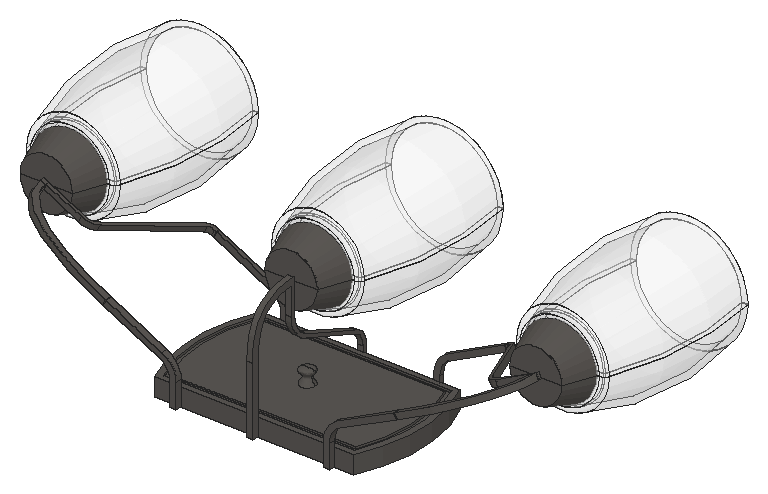
Revit family "P2796-20 3-100W MED BATH BRKT", category Lighting Fixtures, host Face, Revit 2012
Parameters (values of type "P2796-20 3-100W MED BATH BRKT")
  Wattage Comments = "100 W"
  URL = "http://www.progresslighting.com"
  Product Page URL = "https://progresslighting.com/products.aspx?product=P2796-20"
  Product Documentation Link = "https://progresslighting.com/SpecSheets/P2796.pdf"
  Model = "P2796-09\r\nP2796-20"  # constant formula
  Manufacturer Phone = "864-678-1000"  # constant formula
  Manufacturer Fax = "864-678-1065"  # constant formula
  Manufacturer = "Progress Lighting"  # constant formula
  Lamp = "Three"  # constant formula
  Glass = White Etched Glass
  Family = "Wisten"
  Description = "Three-light bracket with etched glass."  # constant formula
  Default Elevation = 48"
  Back Plate = Antique Bronze
Reference planes (in)
  plane 1 "Center (Front/Back)": y = 0
  plane 2: z = 0
  plane 3 "Center (Left/Right)": x = 0
  plane 4: z = 0.6
  plane 5: z = 0.55
  plane 6: y = 2.25
  plane 7: y = -2.25
  plane 8: z = 1.1
  plane 9: y = -0.69145
  plane 10: y = 5.80855
  plane 11: x = -10.5
  plane 12: x = 10.5
  plane 13: x = -8.3
  plane 14: x = 8.3
  plane 15: z = 6.25
  plane 16: z = 4.05
  plane 17: through (4.92866, -180, 2.40569) normal (-0.4384, 0, 0.8988)
  plane 18: x = -0.1
  plane 19: x = 0.1
Forms (in)
  Extrusion 1, solid, material "Antique Bronze" <- "Back Plate"
    sketch origin (0, 0, 0) x (1, 0, 0) y (0, 1, 0)
      loop
        arc (-3.375, 2.25) -> (-3.875, 0) -> (-3.375, -2.25) r 5.3125
        line (-3.375, -2.25) -> (3.375, -2.25)
        arc (3.375, -2.25) -> (3.89326, 0) -> (3.375, 2.25) r 5.14326
        line (3.375, 2.25) -> (-3.375, 2.25)
    from 0 to 0.6
  Extrusion 2, void
    sketch origin (0, 0, 0) x (1, 0, 0) y (0, 1, 0)
      loop
        arc (-3.24651, 2.05078) -> (-3.67578, 0) -> (-3.24651, -2.05078) r 5.11328
        line (-3.24651, -2.05078) -> (3.24651, -2.05078)
        arc (3.24651, -2.05078) -> (3.69209, 0) -> (3.24651, 2.05078) r 4.94209
        line (3.24651, 2.05078) -> (-3.24651, 2.05078)
      loop
        arc (-3.14843, 1.90234) -> (-3.52734, 0) -> (-3.14843, -1.90234) r 4.96484
        line (-3.14843, -1.90234) -> (3.14843, -1.90234)
        arc (3.14843, -1.90234) -> (3.54219, 0) -> (3.14843, 1.90234) r 4.79219
        line (3.14843, 1.90234) -> (-3.14843, 1.90234)
    from 0.55 to 0.6
  Revolve 3, solid, material "Antique Bronze" <- "Back Plate"
    sketch origin (0, 0, 0) x (1, 0, 0) y (0, 0, 1)
      loop
        line (0, 0.6) -> (0, 1.1)
        spline (0, 1.1) -> (-0.1479, 1.083) -> (-0.22595, 1.05418) -> (-0.25007, 1.01719) -> (-0.23614, 0.97571) -> (-0.20009, 0.9334) -> (-0.15783, 0.89393) -> (-0.12509, 0.86086) -> (-0.11114, 0.83274) -> (-0.11632, 0.80132) -> (-0.14035, 0.75788) -> (-0.18296, 0.69368) -> (-0.24387, 0.6)
        line (-0.24387, 0.6) -> (0, 0.6)
      axis (0, 1.1) -> (0, 0.6)
    angle from 0 to 360
  Extrusion 4, solid, material "Antique Bronze" <- "Back Plate"
    sketch origin (0, 0, 0) x (1, 0, 0) y (0, 0, 1)
      loop
        line (2.49776, 0.80094) -> (2.49776, 0) -> (2.70088, 0) -> (2.70088, 0.80094)
        arc (2.70088, 0.80094) -> (2.79942, 1.14456) -> (3.06507, 1.38375) r 0.64844
        line (3.06507, 1.38375) -> (4.97318, 2.3144) -> (4.88414, 2.49697) -> (2.97602, 1.56632)
        arc (2.97602, 1.56632) -> (2.62716, 1.2522) -> (2.49776, 0.80094) r 0.85156
    from 2.25 to 2.44521
  Extrusion 5, solid, material "Antique Bronze" <- "Back Plate"
    sketch origin (0, 4.69521, 0) x (1, 0, 0) y (0, 0, 1)
      loop
        line (2.49776, 0.80094) -> (2.49776, 0) -> (2.70088, 0) -> (2.70088, 0.80094)
        arc (2.70088, 0.80094) -> (2.79942, 1.14456) -> (3.06507, 1.38375) r 0.64844
        line (3.06507, 1.38375) -> (4.97318, 2.3144) -> (4.88414, 2.49697) -> (2.97602, 1.56632)
        arc (2.97602, 1.56632) -> (2.62716, 1.2522) -> (2.49776, 0.80094) r 0.85156
    from 2.33039 to 2.44521
  Sweep 6, solid, material "Antique Bronze" <- "Back Plate"
    path origin (4.92866, -180, 2.40569) x (-0.898794, 0, -0.438371) y (0, -1, 0)
      loop
        line (0, -182.30741) -> (-0.09395, -182.30741)
        arc (-0.09395, -182.30741) -> (-0.22977, -182.27165) -> (-0.33037, -182.17365) r 0.27582
        line (-0.33037, -182.17365) -> (-1.94141, -179.49244)
        arc (-1.94141, -179.49244) -> (-2.12378, -179.31478) -> (-2.36999, -179.24995) r 0.5
        line (-2.36999, -179.24995) -> (-3.89577, -179.24995)
    profile origin (4.97088, 2.30741, 2.42628) x (0, 1, 0) y (-0.438371, 0, 0.898794)
      loop
        line (0.05741, 0.10156) -> (-0.05741, 0.10156) -> (-0.05741, -0.10156) -> (0.05741, -0.10156) -> (0.05741, 0.10156)
  Sweep 7, solid, material "Antique Bronze" <- "Back Plate"
    path origin (4.92866, -180, 2.40569) x (-0.898794, 0, -0.438371) y (0, -1, 0)
      loop
        spline (0, -177.65239) -> (-0.44468, -177.65795) -> (-0.89102, -177.6765) -> (-1.33151, -177.71084) -> (-1.75867, -177.76376) -> (-2.16498, -177.83808) -> (-2.54296, -177.93659) -> (-2.8851, -178.06209) -> (-3.1839, -178.21739) -> (-3.43188, -178.40528) -> (-3.62151, -178.62857) -> (-3.74532, -178.89006) -> (-3.7958, -179.19254)
    profile origin (7.21426, -2.06341, 3.52045) x (-0.265119, 0.955506, -0.129307) y (-0.438371, 0, 0.898794)
      loop
        line (0.09764, 0.10156) -> (-0.09756, 0.10156) -> (-0.09756, -0.10156) -> (0.09764, -0.10156) -> (0.09764, 0.10156)
  Extrusion 8, solid, material "Antique Bronze" <- "Back Plate"
    sketch origin (0, 0, 0) x (-1, 0, 0) y (0, 0, -1)
      loop
        arc (2.49776, -0.80094) -> (2.62716, -1.2522) -> (2.97602, -1.56632) r 0.85156
        line (2.97602, -1.56632) -> (4.88414, -2.49697) -> (4.97318, -2.3144) -> (3.06507, -1.38375)
        arc (3.06507, -1.38375) -> (2.79942, -1.14456) -> (2.70088, -0.80094) r 0.64844
        line (2.70088, -0.80094) -> (2.70088, 0) -> (2.49776, 0) -> (2.49776, -0.80094)
    from 2.25 to 2.44521
  Extrusion 9, solid, material "Antique Bronze" <- "Back Plate"
    sketch origin (0, 4.69521, 0) x (-1, 0, 0) y (0, 0, -1)
      loop
        arc (2.49776, -0.80094) -> (2.62716, -1.2522) -> (2.97602, -1.56632) r 0.85156
        line (2.97602, -1.56632) -> (4.88414, -2.49697) -> (4.97318, -2.3144) -> (3.06507, -1.38375)
        arc (3.06507, -1.38375) -> (2.79942, -1.14456) -> (2.70088, -0.80094) r 0.64844
        line (2.70088, -0.80094) -> (2.70088, 0) -> (2.49776, 0) -> (2.49776, -0.80094)
    from 2.33039 to 2.44521
  Sweep 10, solid, material "Antique Bronze" <- "Back Plate"
    path origin (-4.92866, -180, 2.40569) x (0.898794, 0, -0.438371) y (0, 1, 0)
      loop
        line (0, 182.30741) -> (-0.09395, 182.30741)
        arc (-0.09395, 182.30741) -> (-0.22977, 182.27165) -> (-0.33037, 182.17365) r 0.27582
        line (-0.33037, 182.17365) -> (-1.94141, 179.49244)
        arc (-1.94141, 179.49244) -> (-2.12378, 179.31478) -> (-2.36999, 179.24995) r 0.5
        line (-2.36999, 179.24995) -> (-3.89577, 179.24995)
    profile origin (-4.97088, 2.30741, 2.42628) x (0, -1, 0) y (0.438371, 0, 0.898794)
      loop
        line (-0.05741, 0.10156) -> (-0.05741, -0.10156) -> (0.05741, -0.10156) -> (0.05741, 0.10156) -> (-0.05741, 0.10156)
  Sweep 11, solid, material "Antique Bronze" <- "Back Plate"
    path origin (-4.92866, -180, 2.40569) x (0.898794, 0, -0.438371) y (0, 1, 0)
      loop
        spline (0, 177.65239) -> (-0.44468, 177.65795) -> (-0.89102, 177.6765) -> (-1.33151, 177.71084) -> (-1.75867, 177.76376) -> (-2.16498, 177.83808) -> (-2.54296, 177.93659) -> (-2.8851, 178.06209) -> (-3.1839, 178.21739) -> (-3.43188, 178.40528) -> (-3.62151, 178.62857) -> (-3.74532, 178.89006) -> (-3.7958, 179.19254)
    profile origin (-7.21426, -2.06341, 3.52045) x (-0.265119, -0.955506, 0.129307) y (0.438371, 0, 0.898794)
      loop
        line (-0.09764, 0.10156) -> (-0.09764, -0.10156) -> (0.09756, -0.10156) -> (0.09756, 0.10156) -> (-0.09764, 0.10156)
  Extrusion 12, solid, material "Antique Bronze" <- "Back Plate"
    sketch origin (0, 0, 0) x (0, 1, 0) y (0, 0, 1)
      loop
        line (-2.25, 0) -> (-2.25, 2.31437)
        spline (-2.25, 2.31437) -> (-2.2456, 2.50906) -> (-2.22827, 2.70428) -> (-2.19521, 2.89668) -> (-2.14371, 3.08288) -> (-2.07127, 3.25944) -> (-1.97547, 3.4229) -> (-1.85407, 3.56979) -> (-1.70551, 3.69662) -> (-1.52894, 3.80027) -> (-1.32337, 3.87827) -> (-1.08512, 3.92922) -> (-0.80746, 3.95109)
        line (-0.80746, 3.95109) -> (-0.80746, 2.98905)
        arc (-0.80746, 2.98905) -> (-0.64124, 2.45438) -> (-0.20118, 2.1082) r 0.94302
        line (-0.20118, 2.1082) -> (1.88052, 1.31236)
        arc (1.88052, 1.31236) -> (2.1487, 1.10138) -> (2.25, 0.77555) r 0.5747
        line (2.25, 0.77555) -> (2.25, 0) -> (2.36482, 0) -> (2.36482, 0.77496)
        arc (2.36482, 0.77496) -> (2.24356, 1.16502) -> (1.92251, 1.41758) r 0.68799
        line (1.92251, 1.41758) -> (-0.15801, 2.21297)
        arc (-0.15801, 2.21297) -> (-0.5452, 2.51757) -> (-0.69145, 2.988) r 0.82974
        line (-0.69145, 2.988) -> (-0.69145, 4.1669)
        spline (-0.69145, 4.1669) -> (-1.00627, 4.15105) -> (-1.28468, 4.10286) -> (-1.52842, 4.02446) -> (-1.73919, 3.91802) -> (-1.91872, 3.78567) -> (-2.06872, 3.62956) -> (-2.19093, 3.45186) -> (-2.28706, 3.25469) -> (-2.35884, 3.04021) -> (-2.40797, 2.81057) -> (-2.43619, 2.56792) -> (-2.44521, 2.3144)
        line (-2.44521, 2.3144) -> (-2.44521, 0) -> (-2.25, 0)
    from -0.1 to 0.1
Cuts and joins
  Extrusion 2 cuts Extrusion 1
Lines and regions (in)
  reference lines
    curve 1: line (-3.375, 2.25, 0) -> (3.375, 2.25, 0)
    curve 2: arc (3.375, 2.25, 0) -> (3.89326, 0, 0) -> (3.375, -2.25, 0) r 5.14326
    curve 3: line (3.375, -2.25, 0) -> (-3.375, -2.25, 0)
    curve 4: arc (-3.375, -2.25, 0) -> (-3.875, 0, 0) -> (-3.375, 2.25, 0) r 5.3125
    curve 5: line (-3.24651, 2.05078, 0) -> (3.24651, 2.05078, 0)
    curve 6: arc (-3.24651, -2.05078, 0) -> (-3.67578, 0, 0) -> (-3.24651, 2.05078, 0) r 5.11328
    curve 7: line (3.24651, -2.05078, 0) -> (-3.24651, -2.05078, 0)
    curve 8: arc (3.24651, 2.05078, 0) -> (3.69209, 0, 0) -> (3.24651, -2.05078, 0) r 4.94209
    curve 9: line (-3.14843, 1.90234, 0) -> (3.14843, 1.90234, 0)
    curve 10: arc (-3.14843, -1.90234, 0) -> (-3.52734, 0, 0) -> (-3.14843, 1.90234, 0) r 4.96484
    curve 11: line (3.14843, -1.90234, 0) -> (-3.14843, -1.90234, 0)
    curve 12: arc (3.14843, 1.90234, 0) -> (3.54219, 0, 0) -> (3.14843, -1.90234, 0) r 4.79219
    curve 13: line (-0.00072, 2.25, 0.00147) -> (-0.00072, -4, 0.00147)
Dimensions and locks (in)
  locked: plane 2 to plane 4 at 0.6
  plane 2 to plane 5 to plane 4 = 0.55", 0.05"
  locked: plane 6 to plane 1 "Center (Front/Back)" at 2.25
  locked: plane 7 to plane 1 "Center (Front/Back)" at 2.25
  locked: plane 10 to plane 7 at 8.05855
  equal spacing: plane 12, plane 3 "Center (Left/Right)", plane 11, locked at 10.5 each
  equal spacing: plane 14, plane 3 "Center (Left/Right)", plane 13, locked at 8.3 each
  locked: plane 15 to host face at 6.25
  plane 8 to plane 16 to plane 15 = 2.95" locked, 2.2" locked
  locked: Extrusion 4 sketch curve to Extrusion 4 sketch curve at 0.20312
  locked: Extrusion 5 sketch curve to Extrusion 5 sketch curve at 0.20312  (x2)
  locked: Extrusion 4 sketch curve to Extrusion 4 sketch curve at 2.12297
  locked: Extrusion 8 sketch curve to Extrusion 8 sketch curve at 0.20312
  locked: Extrusion 9 sketch curve to Extrusion 9 sketch curve at 0.20312  (x2)
  locked: Extrusion 8 sketch curve to Extrusion 8 sketch curve at 2.12297
  locked: curve 2 to curve 8
  locked: curve 2 to curve 12
  locked: curve 4 to curve 10
  locked: curve 3 to curve 6 at 0.12849
  locked: curve 4 to curve 11 at 1.71093
  locked: curve 9 to curve 8 at 0.09808
  locked: curve 13 to plane 6 at 0
  locked: plane 7 to curve 13 at 1.75
  equal spacing: plane 19, plane 3 "Center (Left/Right)", plane 18, locked at 0.1 each
  locked: Extrusion 12 sketch curve to Extrusion 12 sketch curve at 0.11328
  locked: plane 1 "Center (Front/Back)" to Extrusion 12 at 2.44521  (x2)
  locked: curve 13 to Extrusion 12 at 0.00147  (x2)
  locked: Extrusion 5 to plane 1 "Center (Front/Back)" at 2.25
  locked: plane 1 "Center (Front/Back)" to Extrusion 1 at 2.25  (x2)
  locked: curve 13 to Extrusion 5 at 0.00147
  locked: Extrusion 9 to plane 1 "Center (Front/Back)" at 2.25
  locked: nested 3 to plane 1 "Center (Front/Back)" at 0.69145
  nested 3 to plane 1 "Center (Front/Back)" = 0.69145"
  plane 1 "Center (Front/Back)" to Extrusion 12 = 2.44521"
  nested 1 to plane 12 = 2.2"
  radius of Extrusion 12 sketch curve = 0.82974"
  radius of Extrusion 12 sketch curve = 0.94302"
  radius of Extrusion 12 sketch curve = 0.5747"
  radius of Extrusion 12 sketch curve = 0.68799"
  locked: Extrusion 5 sketch curve to Extrusion 5 sketch curve (angle 116.00°)
  aligned and locked: plane 2 to host face
  aligned and locked: level to host face
  aligned and locked: Extrusion 1 sketch curve to curve 4
  aligned and locked: Extrusion 1 sketch curve to curve 2
  aligned and locked: plane 4 to Extrusion 1
  aligned and locked: Extrusion 2 sketch curve to curve 6
  aligned and locked: Extrusion 2 sketch curve to curve 8
  aligned and locked: Extrusion 2 sketch curve to curve 12
  aligned and locked: Extrusion 2 sketch curve to curve 10
  aligned and locked: Extrusion 2 to plane 5
  aligned and locked: Extrusion 1 to Extrusion 2
  aligned and locked: Extrusion 4 to curve 3
  aligned and locked: level to Extrusion 4 sketch curve
  aligned and locked: Extrusion 5 to plane 6
  aligned and locked: Extrusion 4 to host face
  aligned and locked: cut or joined group of Extrusion 1, Extrusion 2 to Extrusion 4
  aligned and locked: Extrusion 5 to Extrusion 4
  aligned and locked: Sweep 6 sketch curve to Extrusion 5  (x2)
  aligned and locked: Extrusion 9 to Extrusion 8
  aligned and locked: Extrusion 9 to Sweep 10 sketch curve  (x2)
  aligned and locked: plane 19 to Extrusion 12
  aligned and locked: Extrusion 12 to plane 18
  aligned and locked: Extrusion 12 to host face
  aligned and locked: host face to Extrusion 12 sketch curve
  aligned and locked: Extrusion 12 sketch curve to host face
  aligned and locked: Extrusion 9 to Extrusion 12 sketch curve
  aligned and locked: Extrusion 12 sketch curve to Extrusion 9
  aligned and locked: Extrusion 12 sketch curve to nested 1
  aligned and locked: plane 7 to Extrusion 12 sketch curve
  aligned and locked: Extrusion 12 sketch curve to Sweep 10
  aligned and locked: plane 3 "Center (Left/Right)" to nested 2
  aligned and locked: plane 16 to nested 2
  aligned and locked: nested 1 to plane 14
  aligned and locked: plane 16 to nested 1
  aligned and locked: plane 13 to nested 3
  aligned and locked: plane 16 to nested 3
  aligned and locked: nested 2 to plane 9
  aligned and locked: nested 1 to nested 1
  aligned and locked: nested 3 to nested 3
Automatic sketch dimensions
  host sketch curve to host sketch curve = 96"  (x2)
  curve 2 to curve 8 = 0"
  curve 2 to curve 12 = 0"
  curve 4 to curve 6 = 0"  (x2)
  curve 4 to curve 10 = 0"
  plane 7 to curve 4 = 0"
  curve 4 to plane 6 = 0"
  plane 1 "Center (Front/Back)" to curve 8 = 0"
  plane 1 "Center (Front/Back)" to curve 10 = 0"
  curve 4 to plane 3 "Center (Left/Right)" = 3 3/8"
  curve 4 to curve 5 = 0.12849"
  curve 6 to plane 7 = 51/256"
  curve 8 to plane 3 "Center (Left/Right)" = 1 1/4"
  plane 3 "Center (Left/Right)" to curve 10 = 1 7/16"
  curve 11 to plane 7 = 89/256"
  curve 5 to curve 2 = 0.12849"
  Extrusion 1 sketch curve to plane 6 = 0"
  plane 7 to Extrusion 1 sketch curve = 0"
  Extrusion 2 sketch curve to plane 6 = 89/256"
  Extrusion 2 sketch curve to plane 7 = 89/256"
  Extrusion 2 sketch curve to Extrusion 2 sketch curve = 0.09808"  (x2)
  Revolve 3 sketch curve to plane 4 = 0"  (x2)
  Revolve 3 sketch curve to plane 3 "Center (Left/Right)" = 0"  (x2)
  Revolve 3 sketch curve to plane 8 = 0"  (x2)
  Revolve 3 sketch curve to Revolve 3 sketch curve = 0.24387"
  Extrusion 4 sketch curve to Extrusion 4 sketch curve = 0"  (x2)
  plane 4 to Extrusion 4 sketch curve = 0.20094"
  plane 3 "Center (Left/Right)" to Extrusion 4 sketch curve = 2.49776"
  plane 8 to Extrusion 4 sketch curve = 0.46632"
  Extrusion 4 sketch curve to Extrusion 4 sketch curve = 0.27514"
  plane 8 to Extrusion 4 sketch curve = 0.28375"
  plane 8 to Extrusion 4 sketch curve = 1.39697"
  Extrusion 5 sketch curve to Extrusion 5 sketch curve = 0"
  Extrusion 5 sketch curve to level = 0"
  plane 4 to Extrusion 5 sketch curve = 0.20094"
  plane 3 "Center (Left/Right)" to Extrusion 5 sketch curve = 2.49776"
  plane 8 to Extrusion 5 sketch curve = 0.46632"
  Extrusion 5 sketch curve to Extrusion 5 sketch curve = 0.27514"
  plane 8 to Extrusion 5 sketch curve = 0.28375"
  plane 8 to Extrusion 5 sketch curve = 1.39697"
  Sweep 6 sketch curve to plane 9 = 15/256"
  Sweep 6 sketch curve to Sweep 6 sketch curve = 1.52578"
  plane 9 to Sweep 6 sketch curve = 0.18389"
  Sweep 6 sketch curve to Sweep 6 sketch curve = 0.42858"
  Sweep 6 sketch curve to plane 6 = 0.07635"
  Sweep 6 sketch curve to Sweep 6 sketch curve = 1.61104"
  Sweep 6 sketch curve to Sweep 6 sketch curve = 0.23642"
  Sweep 6 sketch curve to Sweep 6 sketch curve = 0.09395"
  plane 6 to Sweep 6 sketch curve = 0.05741"
  profile plane to Sweep 6 sketch curve = 0.05741"
  Sweep 6 sketch curve to profile plane = 0.05741"
  Sweep 7 sketch curve to plane 9 = 0.11601"
  plane 7 to Sweep 7 sketch curve = 0.09761"
  Sweep 7 sketch curve to Sweep 7 sketch curve = 3.7958"
  profile plane to Sweep 7 sketch curve = 0.09756"
  Sweep 7 sketch curve to profile plane = 25/256"
  Sweep 7 sketch curve to plane 17 = 13/128"
  plane 17 to Sweep 7 sketch curve = 13/128"
  Extrusion 8 sketch curve to Extrusion 8 sketch curve = 0"  (x2)
  Extrusion 8 sketch curve to level = 0"
  Extrusion 8 sketch curve to plane 4 = 0.20094"
  plane 3 "Center (Left/Right)" to Extrusion 8 sketch curve = 2.49776"
  Extrusion 8 sketch curve to plane 8 = 0.46632"
  Extrusion 8 sketch curve to Extrusion 8 sketch curve = 0.27514"
  Extrusion 8 sketch curve to plane 8 = 0.28375"
  Extrusion 8 sketch curve to plane 8 = 1.39697"
  Extrusion 9 sketch curve to Extrusion 9 sketch curve = 0"
  Extrusion 9 sketch curve to level = 0"
  plane 4 to Extrusion 9 sketch curve = 0.20094"
  Extrusion 9 sketch curve to plane 3 "Center (Left/Right)" = 2.49776"
  plane 8 to Extrusion 9 sketch curve = 0.46632"
  Extrusion 9 sketch curve to Extrusion 9 sketch curve = 0.27514"
  plane 8 to Extrusion 9 sketch curve = 0.28375"
  plane 8 to Extrusion 9 sketch curve = 1.39697"
  Extrusion 9 sketch curve to Extrusion 9 sketch curve = 1.90812"
  Sweep 10 sketch curve to plane 9 = 15/256"
  Sweep 10 sketch curve to Sweep 10 sketch curve = 1.52578"
  plane 9 to Sweep 10 sketch curve = 0.18389"
  Sweep 10 sketch curve to Sweep 10 sketch curve = 0.42858"
  Sweep 10 sketch curve to plane 6 = 0.07635"
  Sweep 10 sketch curve to Sweep 10 sketch curve = 1.61104"
  Sweep 10 sketch curve to Sweep 10 sketch curve = 0.23642"
  Sweep 10 sketch curve to Sweep 10 sketch curve = 0.09395"
  Sweep 10 sketch curve to plane 6 = 0.21841"
  profile plane to Sweep 10 sketch curve = 0.05741"
  Sweep 10 sketch curve to profile plane = 0.05741"
  Sweep 11 sketch curve to plane 9 = 0.11601"
  plane 7 to Sweep 11 sketch curve = 0.09761"
  Sweep 11 sketch curve to Sweep 11 sketch curve = 3.7958"
  profile plane to Sweep 11 sketch curve = 25/256"
  Sweep 11 sketch curve to profile plane = 0.09756"
  Sweep 11 sketch curve to profile plane = 13/128"
  profile plane to Sweep 11 sketch curve = 13/128"
  plane 7 to Extrusion 12 sketch curve = 0.19521"
  plane 1 "Center (Front/Back)" to Extrusion 12 sketch curve = 0.20118"
  Extrusion 12 sketch curve to Extrusion 12 sketch curve = 0.04318"
  plane 4 to Extrusion 12 sketch curve = 0.17555"
  plane 8 to Extrusion 12 sketch curve = 0.21236"
  Extrusion 12 sketch curve to Extrusion 12 sketch curve = 0.04199"
  Extrusion 12 sketch curve to Extrusion 12 sketch curve = 0.00059"
  plane 8 to Extrusion 12 sketch curve = 1.21437"
  Extrusion 12 sketch curve to Extrusion 12 sketch curve = 0.00004"
  Extrusion 12 sketch curve to plane 16 = 0.09891"
  plane 16 to Extrusion 12 sketch curve = 0.1169"
  curve 6 to curve 10 = 0.09808"
  curve 7 to curve 10 = 0.09808"
Nested families (in)
  nested 1: "Light P2794" at (8.3, -0.69145, 4.05), type "Light P2794"
  nested 2: "Light P2794" at (0, -0.69145, 4.05), type "Light P2794"
  nested 3: "Light P2794" at (-8.3, -0.69145, 4.05), type "Light P2794"
Connectors (in)
  electrical at (0, 0, 0), driven by "Description"
    settings: on cut or joined group of Extrusion 1, Extrusion 2, index 1, voltage 0 V, apparent load 0 VA, apparent load phase1 0 VA, apparent load phase2 0 VA, apparent load phase3 0 VA, power factor 1, load classification "Other", number of poles 1, system type 30, power factor state 1, is connector primary yes, connector utility no, sub classification motor no, connector description "Three-light bracket with etched glass."
Definition of nested family "Light P2794"
  Parameters (values of type "Light P2794")
    Wattage = 9.2903 W
    built-in parameter 1150110 = 1 (stored number, unit not read)
    built-in parameter 1114217 = 1 (stored number, unit not read)
    built-in parameter 1150109 = 1 (stored number, unit not read)
    built-in parameter 1150134 = 3
    built-in parameter 1150113 = 1 (stored number, unit not read)
    built-in parameter 1150105 = 109.82 (stored number, unit not read)
    Lumens = 1380 lm
    built-in parameter 1150115 = 1 (stored number, unit not read)
    Light Source Symbol Size = 4"
    built-in parameter 1150137 = (empty or 0)
    built-in parameter 1150139 = (empty or 0)
    built-in parameter 1150112 = 1 (stored number, unit not read)
    built-in parameter 1150114 = 1 (stored number, unit not read)
    built-in parameter 1150132 = (empty or 0)
    built-in parameter 1150102 = (empty or 0)
    built-in parameter 1150107 = 3200 (stored number, unit not read)
    built-in parameter 1150138 = (empty or 0)
    built-in parameter 1150106 = 1.0982 (stored number, unit not read)
    Glass = White Etched Glass
    built-in parameter 1150104 = 13.8 (stored number, unit not read)
    Dimming Lamp Color Temperature Shift = (empty or 0)
    Color Filter = 16777215
    built-in parameter 1114218 = 1 (stored number, unit not read)
    Back Plate = Antique Bronze
    built-in parameter 1150133 = 10 (stored number, unit not read)
  Reference planes (in)
    plane 1 "Center (Front/Back)": y = 0
    plane 2: z = 0
    plane 3 "Center (Left/Right)": x = 0
    plane 4: y = 6.5
    plane 5: y = 1
    plane 6: x = 2
    plane 7: x = 2.2
    plane 8: x = 1.25
  Forms (in)
    Revolve 1, solid, material "White Etched Glass" <- "Glass"
      sketch origin (0, 0, 0) x (1, 0, 0) y (0, 1, 0)
        loop
          arc (1.79522, 6.5) -> (1.97746, 3.83687) -> (1.39465, 1.23191) r 9.28693
          arc (1.39465, 1.23191) -> (1.37601, 1.20818) -> (1.3472, 1.19922) r 0.05078
          line (1.3472, 1.19922) -> (0, 1.19922) -> (0, 1) -> (1.3472, 1)
          arc (1.3472, 1) -> (1.48903, 1.04412) -> (1.58079, 1.16092) r 0.25
          arc (1.58079, 1.16092) -> (2.17445, 3.80034) -> (1.99893, 6.5) r 9.48615
          line (1.99893, 6.5) -> (1.79522, 6.5)
        axis (0, 1) -> (0, 6.5)
      angle from 0 to 360
    Revolve 2, solid, material "Antique Bronze" <- "Back Plate"
      sketch origin (0, 0, 0) x (1, 0, 0) y (0, 1, 0)
        loop
          line (1.25, 1) -> (0, 1) -> (0, 0) -> (0.88603, 0) -> (1.25, 1)
        axis (0, 1) -> (0, 0)
      angle from 0 to 360
  Dimensions and locks (in)
    plane 1 "Center (Front/Back)" to plane 5 to plane 4 = 1" locked, 5 1/2" locked
    locked: plane 7 to plane 6 at 0.2
    plane 3 "Center (Left/Right)" to plane 6 = 2"
    locked: Revolve 1 sketch curve to Revolve 1 sketch curve at 0.19922
    radius of Revolve 1 sketch curve = 9.28693"
    aligned and locked: level to plane 2
    aligned and locked: plane 5 to Revolve 1 sketch curve
    aligned and locked: Revolve 2 sketch curve to plane 3 "Center (Left/Right)"
    aligned and locked: Revolve 2 sketch curve to plane 5
    aligned and locked: Revolve 2 sketch curve to Revolve 2 sketch curve
    aligned and locked: plane 3 "Center (Left/Right)" to Revolve 1 sketch curve
    aligned and locked: Revolve 1 sketch curve to plane 4
    aligned and locked: plane 4 to Revolve 1 sketch curve  (x2)
    aligned and locked: Revolve 2 to plane 1 "Center (Front/Back)"
    aligned and locked: plane 5 to Revolve 2
    aligned and locked: plane 3 "Center (Left/Right)" to imposter light
    aligned and locked: level to imposter light
